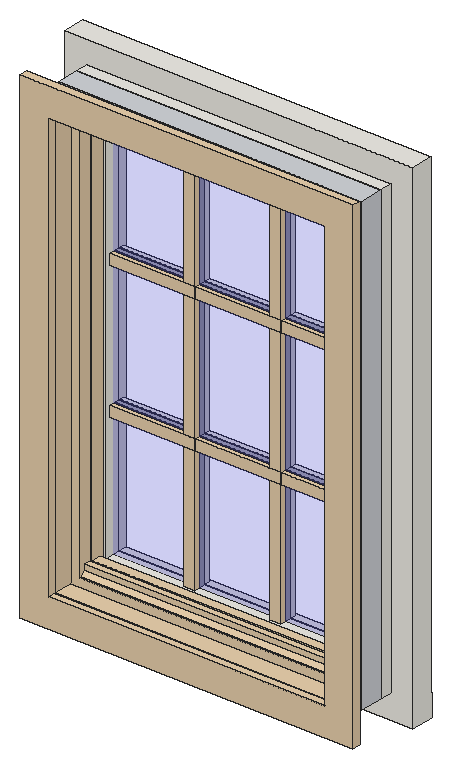
Revit family "Window-Awning-Andersen-400_Series 2", category Windows, host Wall, Revit 2013
Parameters
  Visual Light Transmittance = 0.48  # constant formula
  Thermal Resistance (R) = 0.62871  # 3.5700 (h·ft²·°F)/BTU
  TFL = if(Fractional Lights High > 5, 3, if(or(Fractional Lights High = 4, Fractional Lights High = 5), 2, if(or(Fractional Lights High = 2, Fractional Lights High = 3), 1, 1)))  # 2
  TFB = TFL - 1  # 1
  Solar Heat Gain Coefficient = 0.21  # constant formula
  Learn About These Parameters = "http://www.andersenwindows.com/for-professionals/cad-symbols-bim-support-window-doors/bim-support"
  LWide = if(Enter Pattern Number = 3, 3, if(Enter Pattern Number = 1, . . Lights Wide, Fractional Lights Wide))  # 3
  Heat Transfer Coefficient (U) = 1.5899  # 0.2800 BTU/(h·ft²·°F)
  Glazing Material = Glass ‐ Andersen - Low-E4 SmartSun
  Fractional Lights Wide = 3
  Fractional Lights High = 5
  Exterior Unit Finish = Vinyl - Andersen - White
  Enter Jamb Condition = 1
  ..Jamb Condition Number 1 = "Extension Jamb Only"  # constant formula
  ..Jamb Condition Number 2 = "Narrow Drywall Return"  # constant formula
  ..Jamb Condition Number 3 = "Wide Drywall Return"  # constant formula
  Available Grille Bar Sizes = "3/4'', 7/8'', 1 1/8'', 2 1/4''"  # constant formula
  Between Glass Grille Bar Sizes = "3/4'', 1''"  # constant formula
  Interior Casing = yes
  Grille Bar Size = 0' - 0 7/8"
  Enter Pattern Number = 1
  ..Pattern Number 1 = "Colonial"  # constant formula
  . . Lights Wide = 3
  . . Lights High = 3
  ..Pattern Number 2 = "Modified Colonial"  # constant formula
  ..Pattern Number 3 = "Prairie"  # constant formula
  ..Pattern Number 4 = "Short Fractional"  # constant formula
  ..Pattern Number 5 = "Tall Fractional"  # constant formula
  Extension Jamb = yes
  Enter Exterior Trim Number = 1
  ..Exterior Trim Number 0 = "No Exterior Trim"  # constant formula
  ..Exterior Trim Number 1 = "Brick Mould"  # constant formula
  ..Exterior Trim Number 2 = "3 1/2'' Flat Casing"  # constant formula
  ..Exterior Trim Number 3 = "4 1/2'' Flat Casing"  # constant formula
  Interior Grille Bar = yes
  Exterior Grille Bar = yes
  Between Glass Grille Bar = yes
  xjamb Visibility [instance] = and(and(Enter Jamb Condition = 1, Wall Depth > 0' 2 7/8"), Extension Jamb)  # yes
  xjamb S1 [instance] = if(Wall Depth > 0' 3", Wall Depth - 0' 2 27/32", 0' 3")  # 0' - 1 23/32"
  sill nose1 = 0' - 1 13/16"  # constant formula
  sill nose 2 = 0' - 1 15/16"  # constant formula
  casingS2 = if(Enter Exterior Trim Number = 1, 0' 0 3/16", 0' 0 3/16")  # 0' - 0 3/16"
  casingS1 = if(Enter Exterior Trim Number = 1, 0' 0 7/16", 0' 0 3/16")  # 0' - 0 7/16"
  casing4 = if(Enter Exterior Trim Number = 1, 0' 1 3/4", if(Enter Exterior Trim Number = 2, 0' 3 1/4", 0' 4 1/4"))  # 0' - 1 3/4"
  casing3 = 0' - 0 1/2"  # constant formula
  casing2 = 0' - 0 7/8"  # constant formula
  casing1 = 0' - 0 1/4"  # constant formula
  Xjamb 2 = if(or(Enter Jamb Condition = 2, Enter Jamb Condition = 3), 0' 0 1/32", 0' 0 1/2")  # 0' - 0 1/2"
  Xjamb 1 = if(or(Enter Jamb Condition = 2, Enter Jamb Condition = 3), 0' 0 5/8", 0' 1 3/32")  # 0' - 1 3/32"
  Wall Thickness [instance] = 0' - 6"
  Wall Depth [instance] = 0' - 4 9/16"
  Void Offset 2 = if(Enter Exterior Trim Number > 0, 0' 1 15/16", 0' 0")  # 0' - 1 15/16"
  Void Offset 1 = if(Enter Exterior Trim Number > 0, casing4, 0' 0")  # 0' - 1 3/4"
  Void Depth [instance] = if(Wall Thickness > Wall Depth, 0' 1" + Wall Thickness - Wall Depth, 0' 1")  # 0' - 2 7/16"
  VeriLock Sensor [instance] = no
  VGB DLO = if(Enter Pattern Number = 3, 0' 4", (H DLO - (Grille Bar Size * (V Bars))) / if(LWide > 2, LWide, 3))  # 0' - 5.91667"
  V Bars = if(Enter Pattern Number = 3, 2, if(LWide > 2, LWide - 1, 2))  # 2
  URL = "www.andersenwindows.com"
  Type Comments = "Vinyl-clad wood awning window"
  TS V DLO = Height - HGO - SGO  # 2' - 7 3/8"
  TS V Bar Length = if(or(Enter Pattern Number = 5, Enter Pattern Number = 2), ((((Height - HGO - SGO - (Grille Bar Size * (Fractional Lights High - 1))) / Fractional Lights High)) * TFL) + (TFB * Grille Bar Size), if(Enter Pattern Number = 4, ((Height - HGO - SGO - (Grille Bar Size * (Fractional Lights High - 1))) / Fractional Lights High), Height - HGO - SGO))  # 2' - 7 3/8"
  TS SH DLO = if(or(Enter Pattern Number = 5, Enter Pattern Number = 2), ((((Height - HGO - SGO - (Grille Bar Size * (Fractional Lights High - 1))) / Fractional Lights High)) * TFL) + (TFB * Grille Bar Size) + HGO + (Grille Bar Size / 2), if(Enter Pattern Number = 4, TS V Bar Length + HGO + (Grille Bar Size / 2), (TS V DLO / 2) + HGO))  # 1' - 6 1/16"
  TS S V = or(and(LWide = 2, Enter Pattern Number = 1), and(Fractional Lights Wide = 2, or(or(Enter Pattern Number = 2, Enter Pattern Number = 4), Enter Pattern Number = 5)))  # no
  TS S H Craftsman = and(Enter Pattern Number = 2, or(Fractional Lights High = 4, Fractional Lights High = 5))  # no
  TS S H = or(or(or(and(. . Lights High = 2, Enter Pattern Number = 1), and(Enter Pattern Number = 4, Fractional Lights High > 1)), and(Enter Pattern Number = 5, Fractional Lights High > 1)), and(Enter Pattern Number = 2, Fractional Lights High > 1))  # no
  TS M V = LWide > 2  # yes
  TS M H = or(or(Enter Pattern Number = 3, and(. . Lights High > 2, Enter Pattern Number = 1)), and(Enter Pattern Number = 2, Fractional Lights High > 5))  # yes
  TS HGB DLO = if(Enter Pattern Number = 1, if(. . Lights High > 2, ((TS V Bar Length - (Grille Bar Size * (. . Lights High - 1))) / . . Lights High), 0' 4"), if(Enter Pattern Number = 3, 0' 4", if(Fractional Lights High > 2, ((TS V Bar Length - (Grille Bar Size * 2)) / 3), 0' 4")))  # 0' - 9 7/8"
  TS H Bars = if(Enter Pattern Number = 3, 2, if(Enter Pattern Number = 1, if(. . Lights High > 2, . . Lights High - 1, 2), 2))  # 2
  Step Visibility = or(Enter Jamb Condition = 2, Enter Jamb Condition = 3)  # no
  Step Jamb2 = if(Enter Jamb Condition = 2, 0' 0 1/4", 0' 0 13/16")  # 0' - 0 13/16"
  Step Jamb1 = 0' - 1 1/8"  # constant formula
  Sill Stop Dim [instance] = 0' - 2 1/2"
  SGO = 0' - 2 1/4"  # constant formula
  Rough Width = Width + (Rough Opening Offset * 2)  # 2' - 0 1/2"
  Rough Opening Offset = 0' - 0 1/4"
  Rough Height = Height + (Rough Opening Offset * 2)  # 3' - 0 1/2"
  Push Out Stop Visibility [instance] = no
  Product Documentation Link = "http://www.andersenwindows.com/products/400-series-awning-window/"
  Plan Exterior Mask Visibility [instance] = Plan Exterior Mask 2 > 0' 0 1/32"  # no
  Plan Exterior Mask 2 [instance] = if(Enter Exterior Trim Number > 0, if(Wall Depth + 0' 1 1/16" + casingS1 > Wall Thickness, 0' 0 1/32", Wall Thickness - Wall Depth - 0' 1 1/16" - casingS1), if(Wall Depth + 0' 1 1/16" > Wall Thickness, 0' 0 1/32", Wall Thickness - Wall Depth - 0' 0 1/16"))  # 0' - 0 1/32"
  Plan Exterior Mask [instance] = if(Enter Exterior Trim Number > 0, 0' 1 1/16" + casingS1, 0' 1 1/16")  # 0' - 1 1/2"
  Nail Fin Visibility = Enter Exterior Trim Number = 0  # no
  Model = "400-Series Awning"  # constant formula
  Masonry Width = if(Enter Exterior Trim Number > 0, Width + ((casing4 + Masonry Opening Offset) * 2), Width + (Masonry Opening Offset * 2))  # 2' - 4"
  Masonry Opening Offset = 0' - 0 1/4"
  Masonry Height = if(Enter Exterior Trim Number > 0, Height + (casing4 + Masonry Opening Offset) + (sill nose 2 + Masonry Opening Offset), Height + (Masonry Opening Offset * 2))  # 3' - 4 3/16"
  Manufacturer = "Andersen Corporation"  # constant formula
  JGO = 0' - 2 1/4"  # constant formula
  Interior Trim Visibility = and(Enter Jamb Condition = 1, Interior Casing)  # yes
  Interior Material = Wood - Andersen - Pine
  Interior Casing Size = 0' - 2 1/4"
  Horizontal Craftsman Bar Size = 0' - 0 7/8"
  Height = 3' - 0"
  Head Stop Dim [instance] = 0' - 2 17/64"
  HGO = 0' - 2 3/8"  # constant formula
  H DLO = Width - (JGO * 2)  # 1' - 7 1/2"
  Family Version = "06.01.14"  # constant formula
  Exterior Trim Finish = Fibrex Composite - Andersen - White
  Designation = "AWN"
  Description = "Vinyl-clad wood Awning window"  # constant formula
  Default Sill Height = 6' 10 1/2" - Rough Height  # 3' - 10"
  Wall Closure = By host
  Width = 2' - 0"
  Crank Out Stop Visibility [instance] = yes
  Coarse Plan [instance] = if(Wall Depth < Wall Thickness, Wall Depth, Wall Thickness)  # 0' - 4 9/16"
  Casing Visibility = Enter Exterior Trim Number > 0  # yes
  Between Glass Grille Bar Finish = Stainless Steel - Andersen - Standard
  Bar Center Line = if(Enter Pattern Number = 3, 1, 2)  # 2
  Assembly Code = "B2020100"
Reference planes (in)
  plane 1 "Center (Front/Back)": y = 0
  plane 2: z = 0
  plane 3 "Center (Left/Right)": x = 0
  plane 4 "R Frame": x = -12
  plane 5 "L Frame": x = 12
  plane 6 "B Frame": z = 46.25
  plane 7 "T Frame": z = 82.25
  plane 8 "L Glazing": x = 9.75
  plane 9 "L Ext Frame": x = 11.514
  plane 10 "L Stop": x = 10
  plane 11 "L Xjamb 1": x = 10.90625
  plane 12 "L Casing 1": x = 11.75
  plane 13 "L Xjamb 2": x = 11.5
  plane 14 "L Rough Opening": x = 12.25
  plane 15 "L Casing 2": x = 12.875
  plane 16 "L Casing 3": x = 13.25
  plane 17 "L Casing 4": x = 13.75
  plane 18 "R Glazing": x = -9.75
  plane 19 "R Ext Frame": x = -11.514
  plane 20 "R Stop": x = -10
  plane 21 "R Xjamb 1": x = -10.90625
  plane 22 "R Casing 1": x = -11.75
  plane 23 "R Xjamb 2": x = -11.5
  plane 24 "R Rough Opening": x = -12.25
  plane 25 "R Casing 2": x = -12.875
  plane 26 "R Casing 3": x = -13.25
  plane 27 "R Casing 4": x = -13.75
  plane 28 "R Int Casing": x = -13.15625
  plane 29 "T Glazing": z = 79.875
  plane 30 "T Ext Frame": z = 81.68689
  plane 31 "T Xjamb 1": z = 81.15625
  plane 32 "T Casing 1": z = 82
  plane 33 "T Xjamb 2": z = 81.75
  plane 34 "T Rough Opening": z = 82.5
  plane 35 "T Casing 2": z = 83.125
  plane 36 "T Casing 3": z = 83.5
  plane 37 "T Casing 4": z = 84
  plane 38 "T Int Casing": z = 83.40625
  plane 39 "B Glazing": z = 48.5
  plane 40 "B Ext Frame": z = 46.81311
  plane 41 "B Xjamb 2": z = 46.75
  plane 42 "B Casing 1": z = 46.5
  plane 43 "B Casing 2": z = 44.3125
  plane 44 "B Int Casing": z = 44.985
  plane 45 "L Int Casing": x = 13.15625
  plane 46 "Casing S1": y = 3.312
  plane 47 "Casing S2": y = 3.062
  plane 48 "Frame S1": y = 2.8745
  plane 49 "Flange": y = 1.5625
  plane 50 "Glass1 S1": y = 1.9105
  plane 51 "Glass1 S2": y = 1.8145
  plane 52 "Glass1 S3": y = 1.3805
  plane 53 "Glass1 S4": y = 1.2845
  plane 54 "Sash1 S2": y = 0.5625
  plane 55 "Frame S2": y = -1.2855
  plane 56 "B Xjamb 1": z = 47.235
  plane 57 "Exterior Offset": y = 4
  plane 58 "Interior Casing": y = -3.625
  plane 59 "Vertical Bar Length": z = 48.5
  plane 60 "B Rough Opening": z = 46
  plane 61 "R Masonry Opening": x = -14
  plane 62 "L Masonry Opening": x = 14
  plane 63 "T Masonry Opening": z = 84.25
  plane 64 "B Masonry Opening": z = 44.0625
  plane 65 "Xjamb S1": y = -1.28125
  plane 66 "Sash1 S1": y = 2.5625
  plane 67 "R Sash": x = -11.42
  plane 68 "L Sash": x = 11.42
  plane 69 "Stop S1": y = -1.4375
  plane 70 "B Sash": z = 46.99975
  plane 71 "T Sash": z = 81.5
  plane 72 "T Int Frame": z = 81.14
  plane 73 "B Int Frame": z = 47.235
  plane 74 "L Int Frame": x = 10.891
  plane 75 "R Int Frame": x = -10.891
  plane 76 "T Stop": z = 79.98437
  plane 77 "B Stop": z = 48.75
Forms (in)
  Extrusion 1, void
    sketch origin (0, 0, 0) x (1, 0, 0) y (0, 0, 1)
      loop
        line (12, 82.25) -> (-12, 82.25) -> (-12, 46.25) -> (12, 46.25) -> (12, 82.25)
    from -1.5625 to 3
  Extrusion 2, void
    sketch origin (0, 0, 0) x (1, 0, 0) y (0, 0, 1)
      loop
        line (13.75, 84) -> (-13.75, 84) -> (-13.75, 44.3125) -> (13.75, 44.3125) -> (13.75, 84)
    from -15 to -1.5625
  Extrusion 3, solid, material "Wood - Andersen - Pine" <- "Interior Material", visible <- "xjamb Visibility", detail levels medium+fine
    sketch origin (0, -2.5625, 0) x (-1, 0, 0) y (0, 0, 1)
      loop
        line (11.5, 81.75) -> (-11.5, 81.75) -> (-11.5, 46.75) -> (11.5, 46.75) -> (11.5, 81.75)
      loop
        line (10.90625, 81.15625) -> (-10.90625, 81.15625) -> (-10.90625, 47.235) -> (10.90625, 47.235) -> (10.90625, 81.15625)
    from 1.28125 to -0.4375
  Extrusion 4, solid, material "Wood - Andersen - Pine" <- "Interior Material", visible <- "Interior Trim Visibility", detail levels fine
    sketch origin (0, -3.625, 0) x (-1, 0, 0) y (0, 0, 1)
      loop
        line (13.15625, 83.40625) -> (-13.15625, 83.40625) -> (-13.15625, 44.985) -> (13.15625, 44.985) -> (13.15625, 83.40625)
      loop
        line (10.90625, 81.15625) -> (-10.90625, 81.15625) -> (-10.90625, 47.235) -> (10.90625, 47.235) -> (10.90625, 81.15625)
    from 0 to 0.625
  Extrusion 5, solid, material "Fibrex Composite - Andersen - White" <- "Exterior Trim Finish", visible <- "Casing Visibility", detail levels medium+fine
    sketch origin (0, 0, 0) x (0, 1, 0) y (0, 0, 1)
      loop
        line (2.31163, 46.25) -> (1.5625, 46.25) -> (1.5625, 44.3125) -> (3.375, 44.3125) -> (3.375, 46.0625) -> (2.31163, 46.25)
    from -13.75 to 13.75
  Sweep 6, solid, material "Fibrex Composite - Andersen - White" <- "Exterior Trim Finish", visible <- "Casing Visibility", detail levels medium+fine
    path origin (0, 1.5625, 0) x (-1, 0, 0) y (0, 0, 1)
      loop
        line (-13.75, 44.3125) -> (-13.75, 84) -> (13.75, 84) -> (13.75, 44.3125)
    profile origin (13.75, 1.5625, 64.15625) x (1, 0, 0) y (0, 1, 0)
      loop
        line (-0.875, 1.4995) -> (-2, 1.4995) -> (-2, 0) -> (0, 0) -> (0, 1.7495) -> (-0.5, 1.7495) -> (-0.875, 1.4995)
  Extrusion 7, solid, material "Fibrex Composite - Andersen - White" <- "Exterior Trim Finish", visible <- "Casing Visibility", detail levels coarse
    sketch origin (0, 1.5625, 0) x (-1, 0, 0) y (0, 0, 1)
      loop
        line (-13.75, 84) -> (-13.75, 44.3125) -> (13.75, 44.3125) -> (13.75, 84) -> (-13.75, 84)
      loop
        line (-11.75, 82) -> (-11.75, 46.25) -> (11.75, 46.25) -> (11.75, 82) -> (-11.75, 82)
    from 0 to 1.7495
  Extrusion 8, solid, material "Vinyl - Andersen - White" <- "Exterior Unit Finish"
    sketch origin (0, 0.5625, 0) x (-1, 0, 0) y (0, 0, 1)
      loop
        line (11.42, 81.5) -> (-11.42, 81.5) -> (-11.42, 46.99975) -> (11.42, 46.99975) -> (11.42, 81.5)
      loop
        line (9.75, 79.875) -> (-9.75, 79.875) -> (-9.75, 48.5) -> (9.75, 48.5) -> (9.75, 79.875)
    from 0 to 1.348
  Extrusion 9, solid, material "Vinyl - Andersen - White" <- "Exterior Unit Finish"
    sketch origin (0, 80.71747, 0) x (-1, 0, 0) y (0, 0, 1)
      loop
        line (-9.75, 79.875) -> (-9.75, 48.5) -> (9.75, 48.5) -> (9.75, 79.875) -> (-9.75, 79.875)
      loop
        line (-11.42, 46.99975) -> (11.42, 46.99975) -> (11.42, 81.5) -> (-11.42, 81.5) -> (-11.42, 46.99975)
    from -78.15497 to -78.80697
  Extrusion 10, solid, material "Glass ‐ Andersen - Low-E4 SmartSun" <- "Glazing Material"
    sketch origin (0, 1.2845, 0) x (-1, 0, 0) y (0, 0, 1)
      loop
        line (-9.75, 79.875) -> (-9.75, 48.5) -> (9.75, 48.5) -> (9.75, 79.875) -> (-9.75, 79.875)
    from 0 to 0.626
  Extrusion 11, solid, material "Vinyl - Andersen - White" <- "Exterior Unit Finish"
    sketch origin (0, 0, 0) x (1, 0, 0) y (0, 0, 1)
      loop
        line (12, 82.25) -> (-12, 82.25) -> (-12, 46.25) -> (12, 46.25) -> (12, 82.25)
      loop
        line (11.514, 81.68689) -> (-11.514, 81.68689) -> (-11.514, 46.81311) -> (11.514, 46.81311) -> (11.514, 81.68689)
    from -2.8745 to -0.5625
  Extrusion 12, solid
    sketch origin (0, 0, 0) x (1, 0, 0) y (0, 0, 1)
      loop
        line (12, 82.25) -> (-12, 82.25) -> (-12, 46.25) -> (12, 46.25) -> (12, 82.25)
      loop
        line (10.891, 81.14) -> (-10.891, 81.14) -> (-10.891, 47.235) -> (10.891, 47.235) -> (10.891, 81.14)
    from -0.5625 to 1.2855
  Extrusion 13, solid, material "Wood - Andersen - Pine" <- "Interior Material", detail levels medium+fine
    sketch origin (0, 0, 0) x (0, 1, 0) y (0, 0, 1)
      loop
        line (-0.4375, 48.75) -> (-0.4375, 48.673) -> (-1.00544, 48.673) -> (-1.00544, 48.26216) -> (-1.2885, 47.922) -> (-1.4375, 47.922) -> (-1.4375, 47.235) -> (0.5625, 47.235) -> (0.5625, 48.47) -> (0.2955, 48.75) -> (-0.4375, 48.75)
    from -10.891 to 10.891
  Extrusion 14, solid, material "Wood - Andersen - Pine" <- "Interior Material", detail levels medium+fine
    sketch origin (0, 0, 0) x (1, 0, 0) y (0, 1, 0)
      loop
        line (-10.891, -1.4375) -> (-10.188, -1.4375) -> (-10.188, -0.4375) -> (-10, -0.4375) -> (-10, 0.5625) -> (-10.891, 0.5625) -> (-10.891, -1.4375)
      loop
        line (10.891, -1.4375) -> (10.891, 0.5625) -> (10, 0.5625) -> (10, -0.4375) -> (10.188, -0.4375) -> (10.188, -1.4375) -> (10.891, -1.4375)
    from 47.235 to 81.14
  Sweep 15, solid, material "Wood - Andersen - Pine" <- "Interior Material", visible <- "Step Visibility", detail levels medium+fine
    path origin (0, 1.5625, 0) x (-1, 0, 0) y (0, 0, 1)
      loop
        line (12, 46.25) -> (12, 82.25) -> (-12, 82.25) -> (-12, 46.25) -> (12, 46.25)
    profile origin (-12, 1.5625, 64.25) x (1, 0, 0) y (0, 1, 0)
      loop
        line (0, -2.848) -> (0, -3.6605) -> (1.09375, -3.6605) -> (1.09375, -2.848) -> (0, -2.848)
  Extrusion 16, solid, material "Wood - Andersen - Pine" <- "Interior Material", detail levels medium+fine
    sketch origin (0, 0, 0) x (0, 1, 0) y (0, 0, 1)
      loop
        line (-1.4375, 81.14) -> (-1.4375, 80.345) -> (-0.4375, 80.345) -> (-0.4375, 79.98437) -> (0.5625, 79.98437) -> (0.5625, 81.14) -> (-1.4375, 81.14)
    from -10.891 to 10.891
Cuts and joins
  joined: Extrusion 5, Sweep 6
  joined: Extrusion 13, Extrusion 14, Extrusion 16
Lines and regions (in)
  Masking region 1, detail levels medium+fine
    outline origin (0, 0, 46.25) x (0, -1, 0) y (1, 0, 0)
      loop
        line (-2.8745, -12) -> (1.2855, -12) -> (1.2855, -10.891) -> (1.4375, -10.891) -> (1.4375, 10.891) -> (1.2855, 10.891) -> (1.2855, 12) -> (-2.8745, 12) -> (-2.8745, -12)
  Masking region 2, visible <- "Casing Visibility", detail levels medium+fine
    outline origin (0, 0, 46.25) x (0, -1, 0) y (1, 0, 0)
      loop
        line (-2.8745, -12) -> (-2.8745, 12) -> (-1.5625, 12) -> (-1.5625, 13.75) -> (-3.312, 13.75) -> (-3.312, -13.75) -> (-1.5625, -13.75) -> (-1.5625, -12) -> (-2.8745, -12)
  Masking region 3, visible <- "Nail Fin Visibility", detail levels coarse
    outline origin (0, 0, 46.25) x (0, -1, 0) y (1, 0, 0)
      loop
        line (-4, -12) -> (3, -12) -> (3, 12) -> (-4, 12) -> (-4, -12)
  Masking region 4
    outline origin (0, 0, 0) x (0, 1, 0) y (0, 0, 1)
      loop
        line (2.8745, 82.25) -> (-1.2855, 82.25) -> (-1.2855, 81.14) -> (-1.4375, 81.14) -> (-1.4375, 47.235) -> (-1.2855, 47.235) -> (-1.2855, 46.25) -> (2.8745, 46.25) -> (2.8745, 82.25)
  Masking region 5, visible <- "Casing Visibility"
    outline origin (0, 0, 0) x (0, 1, 0) y (0, 0, 1)
      loop
        line (2.8745, 46.15075) -> (2.8745, 46.25) -> (1.5625, 46.25) -> (1.5625, 44.3125) -> (3.375, 44.3125) -> (3.375, 46.0625) -> (2.8745, 46.15075)
  Masking region 6, visible <- "Casing Visibility"
    outline origin (0, 0, 0) x (0, 1, 0) y (0, 0, 1)
      loop
        line (2.8745, 82.25) -> (2.8745, 46.15075) -> (3.312, 46.07361) -> (3.312, 84) -> (1.5625, 84) -> (1.5625, 82.25) -> (2.8745, 82.25)
  Masking region 7, visible <- "Casing Visibility"
    outline origin (0, 2.8745, 0) x (-1, 0, 0) y (0, 0, 1)
      loop
        line (-13.75, 84) -> (-13.75, 44.3125) -> (13.75, 44.3125) -> (13.75, 84) -> (-13.75, 84)
  Masking region 8
    outline origin (0, 2.8745, 0) x (-1, 0, 0) y (0, 0, 1)
      loop
        line (-12, 82.25) -> (-12, 46.25) -> (12, 46.25) -> (12, 82.25) -> (-12, 82.25)
  Masking region 9
    outline origin (0, -1.2855, 0) x (-1, 0, 0) y (0, 0, 1)
      loop
        line (12, 82.25) -> (-12, 82.25) -> (-12, 46.25) -> (12, 46.25) -> (12, 82.25)
  Masking region 10, visible <- "Interior Trim Visibility", detail levels fine
    outline origin (0, -3.625, 0) x (-1, 0, 0) y (0, 0, 1)
      loop
        line (13.15625, 83.40625) -> (-13.15625, 83.40625) -> (-13.15625, 44.985) -> (13.15625, 44.985) -> (13.15625, 83.40625)
      loop
        line (10.90625, 81.15625) -> (-10.90625, 81.15625) -> (-10.90625, 47.235) -> (10.90625, 47.235) -> (10.90625, 81.15625)
  Masking region 11, visible <- "Casing Visibility", detail levels coarse
    outline origin (0, 0, 46.25) x (0, -1, 0) y (1, 0, 0)
      loop
        line (-4, -13.75) -> (-1.5625, -13.75) -> (-1.5625, -12) -> (3, -12) -> (3, 12) -> (-1.5625, 12) -> (-1.5625, 13.75) -> (-4, 13.75) -> (-4, -13.75)
  Masking region 12, visible <- "Step Visibility", detail levels medium+fine
    outline origin (0, 0, 0) x (0, 1, 0) y (0, 0, 1)
      loop
        line (-1.28125, 82.25) -> (-2.098, 82.25) -> (-2.098, 46.25) -> (-1.28125, 46.25) -> (-1.28125, 47.235) -> (-1.4375, 47.235) -> (-1.4375, 81.14) -> (-1.28125, 81.14) -> (-1.28125, 82.25)
  Masking region 13, visible <- "xjamb Visibility", detail levels medium+fine
    outline origin (0, 0, 0) x (0, 1, 0) y (0, 0, 1)
      loop
        line (-1.28125, 81.75) -> (-3, 81.75) -> (-3, 46.75) -> (-1.28125, 46.75) -> (-1.28125, 47.235) -> (-1.4375, 47.235) -> (-1.4375, 81.14) -> (-1.28125, 81.14) -> (-1.28125, 81.75)
  Masking region 14, visible <- "Interior Trim Visibility", detail levels fine
    outline origin (0, 0, 0) x (0, 1, 0) y (0, 0, 1)
      loop
        line (-3, 83.40625) -> (-3.625, 83.40625) -> (-3.625, 44.985) -> (-3, 44.985) -> (-3, 83.40625)
  Masking region 15, visible <- "Step Visibility", detail levels medium+fine
    outline origin (0, 0, 46.25) x (0, -1, 0) y (1, 0, 0)
      loop
        line (1.28125, -12) -> (2.098, -12) -> (2.098, 12) -> (1.28125, 12) -> (1.28125, 10.891) -> (1.4375, 10.891) -> (1.4375, -10.891) -> (1.28125, -10.891) -> (1.28125, -12)
  Masking region 16, visible <- "xjamb Visibility", detail levels medium+fine
    outline origin (0, 0, 46.25) x (0, -1, 0) y (1, 0, 0)
      loop
        line (1.28125, -11.5) -> (3, -11.5) -> (3, 11.5) -> (1.28125, 11.5) -> (1.28125, 10.891) -> (1.4375, 10.891) -> (1.4375, -10.891) -> (1.28125, -10.891) -> (1.28125, -11.5)
  Masking region 17, visible <- "Interior Trim Visibility", detail levels fine
    outline origin (0, 0, 46.25) x (0, -1, 0) y (1, 0, 0)
      loop
        line (3, -13.15625) -> (3.625, -13.15625) -> (3.625, 13.15625) -> (3, 13.15625) -> (3, -13.15625)
  symbolic lines, style "WindowsFrameMullionProjection", visible <- "Casing Visibility", detail levels fine
    curve 1: line (13.25, 3.312, 46.25) -> (12.875, 3.062, 46.25)
    curve 2: line (12.875, 3.062, 46.25) -> (11.75, 3.062, 46.25)
    curve 3: line (11.75, 3.062, 46.25) -> (11.75, 2.8745, 46.25)
    curve 4: line (-13.25, 3.312, 46.25) -> (-12.875, 3.062, 46.25)
    curve 5: line (-12.875, 3.062, 46.25) -> (-11.75, 3.062, 46.25)
    curve 6: line (-11.75, 3.062, 46.25) -> (-11.75, 2.8745, 46.25)
  symbolic lines, style "WindowsGlassProjection", detail levels medium+fine
    curve 7: line (-9.75, 1.9105, 46.25) -> (9.75, 1.9105, 46.25)
    curve 10: line (-9.75, 1.2845, 46.25) -> (9.75, 1.2845, 46.25)
  symbolic lines, style "WindowsGlassProjection", detail levels fine
    curve 8: line (-9.75, 1.8145, 46.25) -> (9.75, 1.8145, 46.25)
    curve 9: line (-9.75, 1.3805, 46.25) -> (9.75, 1.3805, 46.25)
    curve 27: line (0, 1.8145, 79.875) -> (0, 1.8145, 48.5)
    curve 28: line (0, 1.3805, 79.875) -> (0, 1.3805, 48.5)
    curve 70: line (-9.75, 1.8145, 0) -> (-10.375, 1.8145, 0)
    curve 71: line (-9.75, 1.3805, 0) -> (-10.375, 1.3805, 0)
    curve 72: line (-9.87475, 1.3805, 0) -> (-9.87475, 1.8145, 0)
    curve 89: line (9.75, 1.8145, 0) -> (10.375, 1.8145, 0)
    curve 90: line (9.75, 1.3805, 0) -> (10.375, 1.3805, 0)
    curve 91: line (9.87475, 1.3805, 0) -> (9.87475, 1.8145, 0)
    curve 108: line (0, 1.8145, 80.364) -> (0, 1.8145, 79.875)
    curve 109: line (0, 1.3805, 80.364) -> (0, 1.3805, 79.875)
    curve 110: line (0, 1.8145, 80.01044) -> (0, 1.3805, 80.01044)
    curve 193: line (0, 1.8145, 48.011) -> (0, 1.8145, 48.5)
    curve 194: line (0, 1.3805, 48.011) -> (0, 1.3805, 48.5)
    curve 195: line (0, 1.8145, 48.36456) -> (0, 1.3805, 48.36456)
  symbolic lines, style "WindowsFrameMullionProjection", detail levels medium
    curve 11: line (-11.42, 2.5625, 46.25) -> (-9.75, 2.5625, 46.25)
    curve 12: line (-9.75, 2.5625, 46.25) -> (-9.75, 0.5625, 46.25)
    curve 13: line (-9.75, 0.5625, 46.25) -> (-11.42, 0.5625, 46.25)
    curve 14: line (-11.42, 2.8745, 46.25) -> (-11.42, 0.5625, 46.25)
    curve 15: line (11.42, 2.5625, 46.25) -> (9.75, 2.5625, 46.25)
    curve 16: line (9.75, 2.5625, 46.25) -> (9.75, 0.5625, 46.25)
    curve 17: line (9.75, 0.5625, 46.25) -> (11.42, 0.5625, 46.25)
    curve 18: line (11.42, 2.8745, 46.25) -> (11.42, 0.5625, 46.25)
    curve 92: line (11.42, 0.5625, 0) -> (10, 0.5625, 0)
    curve 93: line (10, 0.5625, 0) -> (10, -1.4375, 0)
    curve 94: line (-11.42, 0.5625, 0) -> (-10, 0.5625, 0)
    curve 95: line (-10, 0.5625, 0) -> (-10, -1.4375, 0)
  symbolic lines, style "WindowsFrameMullionProjection", detail levels coarse
    curve 19: line (-10, -3, 46.25) -> (-10, 4, 46.25)
    curve 20: line (10, -3, 46.25) -> (10, 4, 46.25)
  symbolic lines, style "WindowsGlassProjection", detail levels coarse
    curve 21: line (-10, 0, 46.25) -> (10, 0, 46.25)
    curve 22: line (-10, 1, 46.25) -> (10, 1, 46.25)
  symbolic lines, style "WindowsFrameMullionProjection", visible <- "Casing Visibility"
    curve 23: line (0, 3.312, 83.5) -> (0, 3.062, 83.125)
    curve 24: line (0, 3.062, 83.125) -> (0, 3.062, 82)
    curve 25: line (0, 3.062, 82) -> (0, 2.8745, 82)
    curve 216: line (-13.75, 3.312, 46.25) -> (-13.75, 1.5625, 46.25)
    curve 218: line (13.75, 3.312, 46.25) -> (13.75, 1.5625, 46.25)
    curve 220: line (0, 3.312, 84) -> (0, 1.5625, 84)
    curve 222: line (0, 3.312, 44.3125) -> (0, 1.5625, 44.3125)
  symbolic lines, style "WindowsGlassProjection"
    curve 26: line (0, 1.9105, 79.875) -> (0, 1.9105, 48.5)
    curve 29: line (0, 1.2845, 79.875) -> (0, 1.2845, 48.5)
  symbolic lines, style "WindowsFrameMullionProjection", detail levels medium+fine
    curve 30: line (11.42, 2.8745, 81.5) -> (-11.42, 2.8745, 81.5)
    curve 31: line (11.42, 2.8745, 46.99975) -> (11.42, 2.8745, 81.5)
    curve 32: line (-11.42, 2.8745, 46.99975) -> (11.42, 2.8745, 46.99975)
    curve 33: line (-11.42, 2.8745, 81.5) -> (-11.42, 2.8745, 46.99975)
    curve 38: line (-10, -1.2855, 79.98437) -> (10, -1.2855, 79.98437)
    curve 39: line (-10, -1.2855, 48.5) -> (-10, -1.2855, 79.98437)
    curve 40: line (10, -1.2855, 48.5) -> (-10, -1.2855, 48.5)
    curve 41: line (10, -1.2855, 79.98437) -> (10, -1.2855, 48.5)
    curve 116: line (-10.891, -1.2855, 81.14) -> (10.891, -1.2855, 81.14)
    curve 117: line (-10.891, -1.2855, 47.235) -> (-10.891, -1.2855, 81.14)
    curve 118: line (10.891, -1.2855, 47.235) -> (-10.891, -1.2855, 47.235)
    curve 119: line (10.891, -1.2855, 81.14) -> (10.891, -1.2855, 47.235)
  symbolic lines, style "WindowsFrameMullionProjection"
    curve 34: line (9.75, 0, 79.875) -> (-9.75, 0, 79.875)
    curve 35: line (9.75, 0, 48.5) -> (9.75, 0, 79.875)
    curve 36: line (-9.75, 0, 79.875) -> (-9.75, 0, 48.5)
    curve 37: line (-9.75, 0, 48.5) -> (9.75, 0, 48.5)
    curve 96: line (0, 1.1115, 81.597) -> (0, 2.63553, 81.597)
    curve 97: line (0, 1.1115, 80.89) -> (0, 1.1115, 81.597)
    curve 98: line (0, -1.4375, 81.14) -> (0, -1.0925, 81.14)
    curve 99: line (0, 0.5625, 79.984) -> (0, -0.4375, 79.984)
    curve 100: line (0, 2.0625, 81.064) -> (0, 1.2185, 81.064)
    curve 101: line (0, 0.5625, 80.89) -> (0, 0.5625, 79.984)
    curve 102: line (0, 1.2845, 80.364) -> (0, 2.2815, 80.364)
    curve 103: line (0, 1.2845, 79.875) -> (0, 1.2845, 80.364)
    curve 104: line (0, 2.5625, 80.417) -> (0, 2.5625, 81.501)
    curve 105: line (0, 2.5625, 81.501) -> (0, 2.3755, 81.501)
    curve 106: line (0, 2.0625, 81.345) -> (0, 2.0625, 81.064)
    curve 107: line (0, 1.2845, 79.875) -> (0, 0.5625, 80.065)
    curve 111: line (0, 2.2815, 80.364) -> (0, 2.2815, 80.13145)
    curve 112: line (0, 2.2815, 80.13145) -> (0, 1.9105, 79.8812)
    curve 113: line (0, 1.9105, 79.8812) -> (0, 1.9105, 80.364)
    curve 171: line (0, 2.5625, 80.417) -> (0, 2.2815, 80.364)
    curve 172: line (0, 2.3755, 81.501) -> (0, 2.0625, 81.345)
    curve 173: line (0, 1.2185, 81.064) -> (0, 1.2185, 80.8018)
    curve 174: line (0, 1.2185, 80.8018) -> (0, 0.5625, 80.673)
    curve 175: line (0, 2.63553, 81.68689) -> (0, 2.8745, 81.68689)
    curve 176: line (0, 2.63553, 81.68689) -> (0, 2.63553, 81.597)
    curve 177: line (0, 1.1115, 80.89) -> (0, -1.0925, 80.89)
    curve 178: line (0, -1.0925, 81.14) -> (0, -1.0925, 80.89)
    curve 179: line (0, -0.4375, 80.345) -> (0, -0.4375, 79.984)
    curve 180: line (0, -0.4375, 80.345) -> (0, -1.4375, 80.345)
    curve 181: line (0, 1.1115, 46.778) -> (0, 2.63553, 46.778)
    curve 182: line (0, 1.1115, 47.485) -> (0, 1.1115, 46.778)
    curve 183: line (0, -1.4375, 47.235) -> (0, -1.0925, 47.235)
    curve 184: line (0, -1.00544, 48.673) -> (0, -1.00544, 48.26216)
    curve 185: line (0, 2.0625, 47.311) -> (0, 1.2185, 47.311)
    curve 186: line (0, 0.5625, 47.702) -> (0, 0.5625, 48.47)
    curve 187: line (0, 1.2845, 48.011) -> (0, 2.2815, 48.011)
    curve 188: line (0, 1.2845, 48.5) -> (0, 1.2845, 48.011)
    curve 189: line (0, 2.5625, 47.958) -> (0, 2.5625, 46.874)
    curve 190: line (0, 2.5625, 46.874) -> (0, 2.3755, 46.874)
    curve 191: line (0, 2.0625, 47.03) -> (0, 2.0625, 47.311)
    curve 192: line (0, 1.2845, 48.5) -> (0, 0.5625, 48.375)
    curve 196: line (0, 2.2815, 48.011) -> (0, 2.2815, 48.24355)
    curve 197: line (0, 2.2815, 48.24355) -> (0, 1.9105, 48.4938)
    curve 198: line (0, 1.9105, 48.4938) -> (0, 1.9105, 48.011)
    curve 199: line (0, 2.5625, 47.958) -> (0, 2.2815, 48.011)
    curve 200: line (0, 2.3755, 46.874) -> (0, 2.0625, 47.03)
    curve 201: line (0, 1.2185, 47.311) -> (0, 1.2185, 47.5732)
    curve 202: line (0, 1.2185, 47.5732) -> (0, 0.5625, 47.702)
    curve 203: line (0, 2.63553, 46.68811) -> (0, 2.8745, 46.68811)
    curve 204: line (0, 2.63553, 46.68811) -> (0, 2.63553, 46.778)
    curve 205: line (0, 1.1115, 47.485) -> (0, -1.0925, 47.485)
    curve 206: line (0, -1.0925, 47.235) -> (0, -1.0925, 47.485)
    curve 207: line (0, -1.2885, 47.922) -> (0, -1.00544, 48.26216)
    curve 208: line (0, -1.2885, 47.922) -> (0, -1.4375, 47.922)
    curve 209: line (0, -1.00544, 48.673) -> (0, -0.4375, 48.673)
    curve 210: line (0, -0.4375, 48.673) -> (0, -0.4375, 48.75)
    curve 211: line (0, 0.2955, 48.75) -> (0, -0.4375, 48.75)
    curve 212: line (0, 0.5625, 48.47) -> (0, 0.2955, 48.75)
    curve 213: line (0, 0.5625, 48.377) -> (0, -0.4845, 48.377)
    curve 214: line (0, -0.7345, 48.189) -> (0, -0.7345, 47.485)
    curve 215: line (0, -0.7345, 48.189) -> (0, -0.4845, 48.377)
    curve 217: line (-12, 1.5625, 46.25) -> (-12, -1.2855, 46.25)
    curve 219: line (12, 1.5625, 46.25) -> (12, -1.2855, 46.25)
    curve 221: line (0, 2.8745, 82.25) -> (0, -1.2855, 82.25)
    curve 223: line (0, 2.8745, 46.25) -> (0, -1.2855, 46.25)
  symbolic lines, style "WindowsFrameMullionProjection", visible <- "Casing Visibility", detail levels medium
    curve 42: line (-12, 2.8745, 46.25) -> (-12, 3.312, 46.25)
    curve 43: line (12, 3.312, 46.25) -> (12, 2.8745, 46.25)
  symbolic lines, style "WindowsFrameMullionProjection", visible <- "Nail Fin Visibility", detail levels medium+fine
    curve 44: line (-12, 1.5625, 0) -> (-13.5, 1.5625, 0)
    curve 76: line (12, 1.5625, 0) -> (13.5, 1.5625, 0)
  symbolic lines, style "WindowsFrameMullionProjection", detail levels fine
    curve 45: line (-10.891, -1.4375, 0) -> (-10.891, 1.0895, 0)
    curve 46: line (-10, 0.5625, 0) -> (-10, -0.505, 0)
    curve 47: line (-11.19253, 1.0895, 0) -> (-11.31813, 1.9375, 0)
    curve 48: line (-11.03384, 1.3805, 0) -> (-11.03384, 2.0625, 0)
    curve 49: line (-11.34196, 2.0625, 0) -> (-11.42, 2.3755, 0)
    curve 50: line (-11.42, 2.3755, 0) -> (-11.42, 2.5625, 0)
    curve 51: line (-11.42, 2.5625, 0) -> (-10.42814, 2.5625, 0)
    curve 52: line (-9.75, 1.9105, 0) -> (-10.375, 1.9105, 0)
    curve 53: line (-9.75, 1.2845, 0) -> (-10.375, 1.2845, 0)
    curve 54: line (-10, 0.5625, 0) -> (-9.75, 1.2845, 0)
    curve 66: line (-10.375, 2.3125, 0) -> (-10.375, 1.2845, 0)
    curve 67: line (-10.01883, 2.3125, 0) -> (-9.75, 1.9105, 0)
    curve 77: line (10.891, -1.4375, 0) -> (10.891, 1.0895, 0)
    curve 78: line (10, 0.5625, 0) -> (10, -0.505, 0)
    curve 79: line (11.19253, 1.0895, 0) -> (11.31813, 1.9375, 0)
    curve 80: line (11.03384, 1.3805, 0) -> (11.03384, 2.0625, 0)
    curve 81: line (11.34196, 2.0625, 0) -> (11.42, 2.3755, 0)
    curve 82: line (11.42, 2.3755, 0) -> (11.42, 2.5625, 0)
    curve 83: line (11.42, 2.5625, 0) -> (10.42814, 2.5625, 0)
    curve 84: line (9.75, 1.9105, 0) -> (10.375, 1.9105, 0)
    curve 85: line (9.75, 1.2845, 0) -> (10.375, 1.2845, 0)
    curve 86: line (10, 0.5625, 0) -> (9.75, 1.2845, 0)
    curve 87: line (10.375, 2.3125, 0) -> (10.375, 1.2845, 0)
    curve 88: line (10.01883, 2.3125, 0) -> (9.75, 1.9105, 0)
    curve 122: line (-10, -0.505, 0) -> (-10.36, -0.505, 0)
    curve 123: line (-10.36, -0.505, 0) -> (-10.36, -1.4375, 0)
    curve 126: line (10, -0.505, 0) -> (10.36, -0.505, 0)
    curve 127: line (10.36, -0.505, 0) -> (10.36, -1.4375, 0)
    curve 141: line (-11.45476, 1.9375, 0) -> (-11.514, 2.3375, 0)
    curve 142: line (-11.31813, 1.9375, 0) -> (-11.45476, 1.9375, 0)
    curve 143: line (-10.6, 0.5625, 0) -> (-10.775, 1.3805, 0)
    curve 144: line (-10.375, 2.3125, 0) -> (-10.01883, 2.3125, 0)
    curve 145: line (-11.34196, 2.0625, 0) -> (-11.03384, 2.0625, 0)
    curve 146: line (-11.03384, 1.3805, 0) -> (-10.775, 1.3805, 0)
    curve 147: line (-10.891, 0.5625, 0) -> (-10, 0.5625, 0)
    curve 148: line (-11.19253, 1.0895, 0) -> (-10.891, 1.0895, 0)
    curve 157: line (11.45476, 1.9375, 0) -> (11.514, 2.3375, 0)
    curve 158: line (11.31813, 1.9375, 0) -> (11.45476, 1.9375, 0)
    curve 159: line (10.6, 0.5625, 0) -> (10.775, 1.3805, 0)
    curve 160: line (10.375, 2.3125, 0) -> (10.01883, 2.3125, 0)
    curve 161: line (11.34196, 2.0625, 0) -> (11.03384, 2.0625, 0)
    curve 162: line (11.03384, 1.3805, 0) -> (10.775, 1.3805, 0)
    curve 163: line (10.891, 0.5625, 0) -> (10, 0.5625, 0)
    curve 164: line (11.19253, 1.0895, 0) -> (10.891, 1.0895, 0)
    curve 165: line (-11.514, 2.3375, 0) -> (-11.514, 2.8745, 0)
    curve 167: line (11.514, 2.3375, 0) -> (11.514, 2.8745, 0)
    curve 168: line (-10.42814, 2.5625, 0) -> (-10.375, 2.3125, 0)
    curve 170: line (10.42814, 2.5625, 0) -> (10.375, 2.3125, 0)
  symbolic lines, style "WindowsFrameMullionProjection", visible <- "Nail Fin Visibility", not visible, detail levels medium+fine
    curve 55: line (-35.18862, 120.69666, 0) -> (-36.68862, 120.69666, 0)
  symbolic lines, style "WindowsFrameMullionProjection", not visible, detail levels fine
    curve 56: line (-34.07962, 117.69666, 0) -> (-34.07962, 120.22366, 0)
    curve 57: line (-33.18862, 119.69666, 0) -> (-33.18862, 118.62916, 0)
    curve 58: line (-34.38115, 120.22366, 0) -> (-34.50674, 121.07166, 0)
    curve 59: line (-34.22246, 120.51466, 0) -> (-34.22246, 121.19666, 0)
    curve 60: line (-34.53058, 121.19666, 0) -> (-34.60862, 121.50966, 0)
    curve 61: line (-34.60862, 121.50966, 0) -> (-34.60862, 121.69666, 0)
    curve 62: line (-34.60862, 121.69666, 0) -> (-33.61676, 121.69666, 0)
    curve 63: line (-32.93862, 121.04466, 0) -> (-33.56362, 121.04466, 0)
    curve 64: line (-32.93862, 120.41866, 0) -> (-33.56362, 120.41866, 0)
    curve 65: line (-33.18862, 119.69666, 0) -> (-32.93862, 120.41866, 0)
    curve 68: line (-33.56362, 121.44666, 0) -> (-33.56362, 120.41866, 0)
    curve 69: line (-33.20744, 121.44666, 0) -> (-32.93862, 121.04466, 0)
    curve 124: line (-33.18862, 118.62916, 0) -> (-33.54862, 118.62916, 0)
    curve 125: line (-33.54862, 118.62916, 0) -> (-33.54862, 117.69666, 0)
    curve 149: line (-34.64338, 121.07166, 0) -> (-34.70262, 121.47166, 0)
    curve 150: line (-34.50674, 121.07166, 0) -> (-34.64338, 121.07166, 0)
    curve 151: line (-33.78862, 119.69666, 0) -> (-33.96362, 120.51466, 0)
    curve 152: line (-33.56362, 121.44666, 0) -> (-33.20744, 121.44666, 0)
    curve 153: line (-34.53058, 121.19666, 0) -> (-34.22246, 121.19666, 0)
    curve 154: line (-34.22246, 120.51466, 0) -> (-33.96362, 120.51466, 0)
    curve 155: line (-34.07962, 119.69666, 0) -> (-33.18862, 119.69666, 0)
    curve 156: line (-34.38115, 120.22366, 0) -> (-34.07962, 120.22366, 0)
    curve 166: line (-34.70262, 121.47166, 0) -> (-34.70262, 122.00866, 0)
    curve 169: line (-33.61676, 121.69666, 0) -> (-33.56362, 121.44666, 0)
  symbolic lines, style "WindowsGlassProjection", not visible, detail levels fine
    curve 73: line (-32.93862, 120.94866, 0) -> (-33.56362, 120.94866, 0)
    curve 74: line (-32.93862, 120.51466, 0) -> (-33.56362, 120.51466, 0)
    curve 75: line (-33.06337, 120.51466, 0) -> (-33.06337, 120.94866, 0)
    curve 237: line (0, 1.8145, 48.011) -> (0, 1.8145, 48.5)
    curve 238: line (0, 1.3805, 48.011) -> (0, 1.3805, 48.5)
    curve 239: line (0, 1.8145, 48.36456) -> (0, 1.3805, 48.36456)
    curve 272: line (0, 1.8145, 80.364) -> (0, 1.8145, 79.875)
    curve 273: line (0, 1.3805, 80.364) -> (0, 1.3805, 79.875)
    curve 274: line (0, 1.8145, 80.01044) -> (0, 1.3805, 80.01044)
  symbolic lines, style "WindowsFrameMullionProjection", visible <- "Nail Fin Visibility"
    curve 114: line (0, 1.5625, 83.875) -> (0, 1.5625, 82.25)
    curve 115: line (0, 1.5625, 46.25) -> (0, 1.5625, 44.625)
  symbolic lines, style "Elevation Swing"
    curve 120: line (0, 0, 81.5) -> (-11.42, 0, 46.99975)
    curve 121: line (0, 0, 81.5) -> (11.42, 0, 46.99975)
  symbolic lines, style "InvisibleLines", detail levels coarse
    curve 128: line (-12, -3, 0) -> (12, -3, 0)
  symbolic lines, style "WindowsFrameMullionProjection", visible <- "Step Visibility", detail levels medium+fine
    curve 129: line (0, -1.28125, 81.14) -> (0, -2.098, 81.14)
    curve 132: line (0, -1.28125, 47.235) -> (0, -2.098, 47.235)
    curve 135: line (-10.891, -1.28125, 46.25) -> (-10.891, -2.098, 46.25)
    curve 138: line (10.891, -1.28125, 46.25) -> (10.891, -2.098, 46.25)
  symbolic lines, style "WindowsFrameMullionProjection", visible <- "xjamb Visibility", detail levels medium+fine
    curve 130: line (0, -1.28125, 81.15625) -> (0, -3, 81.15625)
    curve 133: line (0, -1.28125, 47.235) -> (0, -3, 47.235)
    curve 136: line (-10.90625, -1.28125, 46.25) -> (-10.90625, -3, 46.25)
    curve 139: line (10.90625, -1.28125, 46.25) -> (10.90625, -3, 46.25)
  symbolic lines, style "WindowsFrameMullionProjection", visible <- "Interior Trim Visibility", detail levels fine
    curve 131: line (0, -3, 81.15625) -> (0, -3.625, 81.15625)
    curve 134: line (0, -3, 47.235) -> (0, -3.625, 47.235)
    curve 137: line (-10.90625, -3, 46.25) -> (-10.90625, -3.625, 46.25)
    curve 140: line (10.90625, -3, 46.25) -> (10.90625, -3.625, 46.25)
  symbolic lines, style "WindowsFrameMullionProjection", visible <- "Nail Fin Visibility", not visible
    curve 224: line (0, 1.5625, 46.25) -> (0, 1.5625, 44.625)
    curve 278: line (0, 1.5625, 83.875) -> (0, 1.5625, 82.25)
  symbolic lines, style "WindowsFrameMullionProjection", not visible
    curve 225: line (0, 1.1115, 46.778) -> (0, 2.63553, 46.778)
    curve 226: line (0, 1.1115, 47.485) -> (0, 1.1115, 46.778)
    curve 227: line (0, -1.4375, 47.235) -> (0, -1.0925, 47.235)
    curve 228: line (0, -1.00544, 48.673) -> (0, -1.00544, 48.26216)
    curve 229: line (0, 2.0625, 47.311) -> (0, 1.2185, 47.311)
    curve 230: line (0, 0.5625, 47.702) -> (0, 0.5625, 48.47)
    curve 231: line (0, 1.2845, 48.011) -> (0, 2.2815, 48.011)
    curve 232: line (0, 1.2845, 48.5) -> (0, 1.2845, 48.011)
    curve 233: line (0, 2.5625, 47.958) -> (0, 2.5625, 46.874)
    curve 234: line (0, 2.5625, 46.874) -> (0, 2.3755, 46.874)
    curve 235: line (0, 2.0625, 47.03) -> (0, 2.0625, 47.311)
    curve 236: line (0, 1.2845, 48.5) -> (0, 0.5625, 48.375)
    curve 240: line (0, 2.2815, 48.011) -> (0, 2.2815, 48.24355)
    curve 241: line (0, 2.2815, 48.24355) -> (0, 1.9105, 48.4938)
    curve 242: line (0, 1.9105, 48.4938) -> (0, 1.9105, 48.011)
    curve 243: line (0, 2.5625, 47.958) -> (0, 2.2815, 48.011)
    curve 244: line (0, 2.3755, 46.874) -> (0, 2.0625, 47.03)
    curve 245: line (0, 1.2185, 47.311) -> (0, 1.2185, 47.5732)
    curve 246: line (0, 1.2185, 47.5732) -> (0, 0.5625, 47.702)
    curve 247: line (0, 2.63553, 46.68811) -> (0, 2.8745, 46.68811)
    curve 248: line (0, 2.63553, 46.68811) -> (0, 2.63553, 46.778)
    curve 249: line (0, 1.1115, 47.485) -> (0, -1.0925, 47.485)
    curve 250: line (0, -1.0925, 47.235) -> (0, -1.0925, 47.485)
    curve 251: line (0, -1.2885, 47.922) -> (0, -1.00544, 48.26216)
    curve 252: line (0, -1.2885, 47.922) -> (0, -1.4375, 47.922)
    curve 253: line (0, -1.00544, 48.673) -> (0, -0.4375, 48.673)
    curve 254: line (0, -0.4375, 48.673) -> (0, -0.4375, 48.75)
    curve 255: line (0, 0.2955, 48.75) -> (0, -0.4375, 48.75)
    curve 256: line (0, 0.5625, 48.47) -> (0, 0.2955, 48.75)
    curve 257: line (0, 0.5625, 48.377) -> (0, -0.4845, 48.377)
    curve 258: line (0, -0.7345, 48.189) -> (0, -0.7345, 47.485)
    curve 259: line (0, -0.7345, 48.189) -> (0, -0.4845, 48.377)
    curve 260: line (0, 1.1115, 81.597) -> (0, 2.63553, 81.597)
    curve 261: line (0, 1.1115, 80.89) -> (0, 1.1115, 81.597)
    curve 262: line (0, -1.4375, 81.14) -> (0, -1.0925, 81.14)
    curve 263: line (0, 0.5625, 79.984) -> (0, -0.4375, 79.984)
    curve 264: line (0, 2.0625, 81.064) -> (0, 1.2185, 81.064)
    curve 265: line (0, 0.5625, 80.89) -> (0, 0.5625, 79.984)
    curve 266: line (0, 1.2845, 80.364) -> (0, 2.2815, 80.364)
    curve 267: line (0, 1.2845, 79.875) -> (0, 1.2845, 80.364)
    curve 268: line (0, 2.5625, 80.417) -> (0, 2.5625, 81.501)
    curve 269: line (0, 2.5625, 81.501) -> (0, 2.3755, 81.501)
    curve 270: line (0, 2.0625, 81.345) -> (0, 2.0625, 81.064)
    curve 271: line (0, 1.2845, 79.875) -> (0, 0.5625, 80.065)
    curve 275: line (0, 2.2815, 80.364) -> (0, 2.2815, 80.13145)
    curve 276: line (0, 2.2815, 80.13145) -> (0, 1.9105, 79.8812)
    curve 277: line (0, 1.9105, 79.8812) -> (0, 1.9105, 80.364)
    curve 279: line (0, 2.5625, 80.417) -> (0, 2.2815, 80.364)
    curve 280: line (0, 2.3755, 81.501) -> (0, 2.0625, 81.345)
    curve 281: line (0, 1.2185, 81.064) -> (0, 1.2185, 80.8018)
    curve 282: line (0, 1.2185, 80.8018) -> (0, 0.5625, 80.673)
    curve 283: line (0, 2.63553, 81.68689) -> (0, 2.8745, 81.68689)
    curve 284: line (0, 2.63553, 81.68689) -> (0, 2.63553, 81.597)
    curve 285: line (0, 1.1115, 80.89) -> (0, -1.0925, 80.89)
    curve 286: line (0, -1.0925, 81.14) -> (0, -1.0925, 80.89)
    curve 287: line (0, -0.4375, 80.345) -> (0, -0.4375, 79.984)
    curve 288: line (0, -0.4375, 80.345) -> (0, -1.4375, 80.345)
Text (in)
  text "EXTERIOR" at (-58.6888, 50.90694, 0), in view "Ref. Level"
  text "INTERIOR" at (-58.6888, -37.76638, 0), in view "Ref. Level"
  text "Exterior" at (0, 43.65631, 123.19604), in view "Left"
  text "Exterior" at (0, 18.29385, 125.04747), in view "Right"
Dimensions and locks (in)
  equal spacing: plane 4 "R Frame", plane 3 "Center (Left/Right)", plane 5 "L Frame"
  "Width": plane 4 "R Frame" to plane 5 "L Frame"
  "Height": plane 6 "B Frame" to plane 7 "T Frame"
  locked: plane 48 "Frame S1" to plane 49 "Flange" at 1.312
  locked: plane 50 "Glass1 S1" to plane 49 "Flange" at 0.348
  locked: plane 51 "Glass1 S2" to plane 49 "Flange" at 0.252
  locked: plane 49 "Flange" to plane 52 "Glass1 S3" at 0.182
  locked: plane 49 "Flange" to plane 53 "Glass1 S4" at 0.278
  locked: plane 49 "Flange" to plane 54 "Sash1 S2" at 1
  locked: plane 49 "Flange" to plane 55 "Frame S2" at 2.848
  "casingS2": plane 47 "Casing S2" to plane 48 "Frame S1"
  "casingS1": plane 46 "Casing S1" to plane 48 "Frame S1"
  "Xjamb 2": plane 33 "T Xjamb 2" to plane 7 "T Frame"
  "casing1": plane 32 "T Casing 1" to plane 7 "T Frame"
  "Xjamb 1": plane 31 "T Xjamb 1" to plane 7 "T Frame"
  plane 30 "T Ext Frame" to plane 7 "T Frame" = 0' - 0.56311"
  "HGO": plane 29 "T Glazing" to plane 7 "T Frame"
  "Rough Opening Offset": plane 7 "T Frame" to plane 34 "T Rough Opening"
  "casing4": plane 7 "T Frame" to plane 37 "T Casing 4"
  "Xjamb 2": plane 6 "B Frame" to plane 41 "B Xjamb 2"
  locked: plane 6 "B Frame" to plane 42 "B Casing 1" at 0.25
  locked: plane 6 "B Frame" to plane 56 "B Xjamb 1" at 0.985
  locked: plane 6 "B Frame" to plane 40 "B Ext Frame" at 0.56311
  "SGO": plane 6 "B Frame" to plane 39 "B Glazing"
  "sill nose 2": plane 43 "B Casing 2" to plane 6 "B Frame"
  "casing4": plane 5 "L Frame" to plane 17 "L Casing 4"
  "casing4": plane 27 "R Casing 4" to plane 4 "R Frame"
  "casing3": plane 36 "T Casing 3" to plane 37 "T Casing 4"
  "casing2": plane 35 "T Casing 2" to plane 37 "T Casing 4"
  "casing3": plane 27 "R Casing 4" to plane 26 "R Casing 3"
  "casing2": plane 27 "R Casing 4" to plane 25 "R Casing 2"
  "casing1": plane 4 "R Frame" to plane 22 "R Casing 1"
  "casing1": plane 12 "L Casing 1" to plane 5 "L Frame"
  "casing3": plane 16 "L Casing 3" to plane 17 "L Casing 4"
  "casing2": plane 15 "L Casing 2" to plane 17 "L Casing 4"
  locked: plane 57 "Exterior Offset" to host wall at 1
  "Void Offset 1": plane 7 "T Frame" to Extrusion 2 sketch curve
  "Void Offset 1": Extrusion 2 sketch curve to plane 4 "R Frame"
  "Void Offset 1": plane 5 "L Frame" to Extrusion 2 sketch curve
  "Void Offset 2": Extrusion 2 sketch curve to plane 6 "B Frame"
  "Interior Casing Size": plane 28 "R Int Casing" to plane 21 "R Xjamb 1"
  "Interior Casing Size": plane 11 "L Xjamb 1" to plane 45 "L Int Casing"
  "Interior Casing Size": plane 31 "T Xjamb 1" to plane 38 "T Int Casing"
  "Interior Casing Size": plane 44 "B Int Casing" to plane 56 "B Xjamb 1"
  "Xjamb 1": plane 4 "R Frame" to plane 21 "R Xjamb 1"
  locked: plane 4 "R Frame" to plane 20 "R Stop" at 2
  locked: plane 4 "R Frame" to plane 19 "R Ext Frame" at 0.486
  "JGO": plane 4 "R Frame" to plane 18 "R Glazing"
  locked: plane 10 "L Stop" to plane 5 "L Frame" at 2
  locked: plane 9 "L Ext Frame" to plane 5 "L Frame" at 0.486
  "JGO": plane 8 "L Glazing" to plane 5 "L Frame"
  "Xjamb 1": plane 11 "L Xjamb 1" to plane 5 "L Frame"
  "Wall Thickness": host wall to host wall
  locked: plane 1 "Center (Front/Back)" to curve 22 at 1
  "sill nose1": Masking region 5 sketch curve to plane 49 "Flange"
  locked: level to plane 7 "T Frame" at 82.25
  "TS SH DLO": nested 2 to plane 7 "T Frame"
  "VGB DLO": nested 3 to plane 8 "L Glazing"
  group 2 to group 1 = 0' - 6.79167"
  group 1 to group 2 = 0' - 0"  (x2)
  "VGB DLO": plane 18 "R Glazing" to nested 5
  group 3 to group 4 = 0' - 0"  (x2)
  group 3 to group 4 = 0' - 10 3/4"
  "TS HGB DLO": nested 6 to plane 29 "T Glazing"
  "TS HGB DLO": plane 59 "Vertical Bar Length" to nested 4
  "TS V Bar Length": plane 59 "Vertical Bar Length" to plane 29 "T Glazing"
  equal spacing: plane 59 "Vertical Bar Length", nested 7, plane 29 "T Glazing"
  "Rough Opening Offset": plane 60 "B Rough Opening" to plane 6 "B Frame"
  "Masonry Opening Offset": plane 61 "R Masonry Opening" to plane 27 "R Casing 4"
  "Masonry Opening Offset": plane 17 "L Casing 4" to plane 62 "L Masonry Opening"
  "Masonry Opening Offset": plane 37 "T Casing 4" to plane 63 "T Masonry Opening"
  "Masonry Opening Offset": plane 64 "B Masonry Opening" to plane 43 "B Casing 2"
  "sill nose1": Extrusion 5 sketch curve to plane 49 "Flange"
  "Void Depth": plane 57 "Exterior Offset" to Extrusion 2
  "Wall Depth": host wall to plane 49 "Flange"
  "Void Depth": plane 57 "Exterior Offset" to Masking region 11 sketch curve  (x2)
  locked: plane 58 "Interior Casing" to host wall at 0.625
  locked: Extrusion 2 to host wall at 12
  "Rough Opening Offset": plane 24 "R Rough Opening" to plane 4 "R Frame"
  "Rough Opening Offset": plane 5 "L Frame" to plane 14 "L Rough Opening"
  "Xjamb 2": plane 13 "L Xjamb 2" to plane 5 "L Frame"
  "Xjamb 2": plane 4 "R Frame" to plane 23 "R Xjamb 2"
  locked: plane 66 "Sash1 S1" to plane 49 "Flange" at 1
  locked: plane 4 "R Frame" to plane 67 "R Sash" at 0.58
  locked: plane 68 "L Sash" to plane 5 "L Frame" at 0.58
  locked: plane 49 "Flange" to plane 69 "Stop S1" at 3
  locked: plane 6 "B Frame" to plane 70 "B Sash" at 0.74975
  locked: plane 71 "T Sash" to plane 7 "T Frame" at 0.75
  locked: plane 72 "T Int Frame" to plane 7 "T Frame" at 1.11
  locked: plane 6 "B Frame" to plane 73 "B Int Frame" at 0.985
  locked: plane 74 "L Int Frame" to plane 5 "L Frame" at 1.109
  locked: plane 4 "R Frame" to plane 75 "R Int Frame" at 1.109
  locked: Extrusion 14 sketch curve to plane 20 "R Stop" at 0.188
  locked: Extrusion 14 sketch curve to plane 69 "Stop S1" at 1  (x2)
  locked: plane 10 "L Stop" to Extrusion 14 sketch curve at 0.188
  host wall to Extrusion 14 = 0' - 1 7/16"
  locked: plane 4 "R Frame" to Sweep 15 sketch curve at 1.09375
  "Step Jamb2": plane 55 "Frame S2" to Sweep 15 sketch curve
  "xjamb S1": host wall to plane 65 "Xjamb S1"
  "Head Stop Dim": plane 76 "T Stop" to plane 7 "T Frame"
  "Sill Stop Dim": plane 6 "B Frame" to plane 77 "B Stop"
  locked: cut or joined group of Extrusion 13, Extrusion 14, Extrusion 16 to Extrusion 13 sketch curve at 1.515
  locked: plane 54 "Sash1 S2" to Extrusion 13 sketch curve at 0.267
  locked: plane 54 "Sash1 S2" to Extrusion 13 sketch curve at 1
  locked: Extrusion 13 sketch curve to Extrusion 13 sketch curve at 0.077
  locked: Extrusion 13 sketch curve to Extrusion 13 sketch curve at 0.56794
  locked: Extrusion 13 sketch curve to Extrusion 13 sketch curve at 0.41084
  locked: Extrusion 13 sketch curve to Extrusion 13 sketch curve at 0.28306
  locked: Extrusion 13 sketch curve to Extrusion 13 sketch curve at 0.751
  locked: plane 54 "Sash1 S2" to Extrusion 13 sketch curve at 2
  locked: Extrusion 16 sketch curve to plane 72 "T Int Frame" at 0.795
  locked: Extrusion 16 sketch curve to plane 72 "T Int Frame" at 1.15563
  locked: plane 54 "Sash1 S2" to Extrusion 16 sketch curve at 1
  locked: Masking region 5 sketch curve to plane 6 "B Frame" at 0.1875
  locked: Extrusion 5 sketch curve to plane 6 "B Frame" at 0.1875
  "Step Jamb2": plane 55 "Frame S2" to Masking region 15 sketch curve
  locked: plane 42 "B Casing 1" to Masking region 5 sketch curve (angle 10.00°)
  locked: plane 42 "B Casing 1" to Masking region 6 sketch curve (angle 10.00°)
  locked: plane 42 "B Casing 1" to Extrusion 5 sketch curve (angle 10.00°)
  aligned and locked: level to plane 2
  aligned and locked: plane 7 "T Frame" to Extrusion 1 sketch curve
  aligned and locked: plane 5 "L Frame" to Extrusion 1 sketch curve
  aligned and locked: Extrusion 1 sketch curve to plane 4 "R Frame"
  aligned and locked: Extrusion 1 sketch curve to plane 6 "B Frame"
  aligned and locked: host wall to Extrusion 1
  aligned and locked: plane 49 "Flange" to Extrusion 1
  aligned and locked: Masking region 1 sketch curve to plane 48 "Frame S1"
  aligned and locked: Masking region 1 sketch curve to plane 4 "R Frame"
  aligned and locked: plane 5 "L Frame" to Masking region 1 sketch curve
  aligned and locked: plane 49 "Flange" to Masking region 2 sketch curve  (x2)
  aligned and locked: plane 4 "R Frame" to Masking region 2 sketch curve
  aligned and locked: plane 48 "Frame S1" to Masking region 2 sketch curve
  aligned and locked: Masking region 2 sketch curve to plane 5 "L Frame"
  aligned and locked: plane 17 "L Casing 4" to Masking region 2 sketch curve
  aligned and locked: Masking region 2 sketch curve to plane 46 "Casing S1"
  aligned and locked: plane 47 "Casing S2" to curve 1
  aligned and locked: plane 12 "L Casing 1" to curve 3
  aligned and locked: plane 48 "Frame S1" to curve 3
  aligned and locked: Masking region 2 sketch curve to plane 27 "R Casing 4"
  aligned and locked: plane 18 "R Glazing" to curve 8
  aligned and locked: plane 8 "L Glazing" to curve 8
  aligned and locked: curve 7 to plane 50 "Glass1 S1"
  aligned and locked: curve 8 to plane 51 "Glass1 S2"
  aligned and locked: curve 9 to plane 52 "Glass1 S3"
  aligned and locked: curve 10 to plane 53 "Glass1 S4"
  aligned and locked: plane 18 "R Glazing" to curve 12
  aligned and locked: plane 48 "Frame S1" to curve 18
  aligned and locked: curve 17 to plane 54 "Sash1 S2"
  aligned and locked: plane 8 "L Glazing" to curve 16
  aligned and locked: Masking region 3 sketch curve to plane 4 "R Frame"
  aligned and locked: plane 5 "L Frame" to Masking region 3 sketch curve
  aligned and locked: Masking region 3 sketch curve to plane 57 "Exterior Offset"
  aligned and locked: plane 57 "Exterior Offset" to curve 19
  aligned and locked: plane 57 "Exterior Offset" to curve 20
  aligned and locked: host wall to curve 21
  aligned and locked: plane 7 "T Frame" to Masking region 4 sketch curve
  aligned and locked: Masking region 4 sketch curve to plane 6 "B Frame"
  aligned and locked: Masking region 4 sketch curve to plane 48 "Frame S1"
  aligned and locked: plane 48 "Frame S1" to Masking region 5 sketch curve
  aligned and locked: Masking region 5 sketch curve to plane 48 "Frame S1"
  aligned and locked: Masking region 5 sketch curve to plane 49 "Flange"
  aligned and locked: Masking region 5 sketch curve to plane 6 "B Frame"
  aligned and locked: plane 43 "B Casing 2" to Masking region 5 sketch curve
  aligned and locked: Masking region 6 sketch curve to plane 48 "Frame S1"
  aligned and locked: plane 46 "Casing S1" to Masking region 6 sketch curve
  aligned and locked: Masking region 6 sketch curve to plane 37 "T Casing 4"
  aligned and locked: Masking region 6 sketch curve to plane 49 "Flange"
  aligned and locked: plane 7 "T Frame" to Masking region 6 sketch curve
  aligned and locked: plane 47 "Casing S2" to curve 23
  aligned and locked: plane 32 "T Casing 1" to curve 25
  aligned and locked: plane 48 "Frame S1" to curve 25
  aligned and locked: plane 29 "T Glazing" to curve 26
  aligned and locked: plane 29 "T Glazing" to curve 27
  aligned and locked: plane 29 "T Glazing" to curve 28
  aligned and locked: plane 29 "T Glazing" to curve 29
  aligned and locked: plane 50 "Glass1 S1" to curve 26
  aligned and locked: plane 51 "Glass1 S2" to curve 27
  aligned and locked: plane 52 "Glass1 S3" to curve 28
  aligned and locked: plane 53 "Glass1 S4" to curve 29
  aligned and locked: plane 37 "T Casing 4" to Masking region 7 sketch curve
